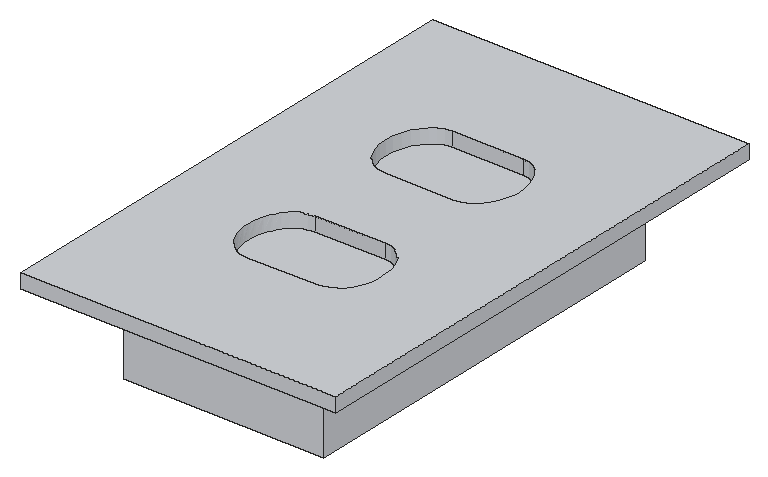
Revit family "Receptacle", category Electrical Fixtures, host Face, Revit 2025
Family settings
  Host = Face
  Round Connector Dimension = Use Diameter
  Part Type = Junction Box
  Cut with Voids When Loaded = No
  Maintain Annotation Orientation = Yes
  Shared = No
  Room Calculation Point = No
Parameters (values of type "Duplex")
  x = 0.74588"
  Width = 2 3/4"
  Symbol Distance [instance] = 0"
  Quadd = no
  Height = 4 1/2"
  er = 0.27848"
  Depth = 1/8"
  Cut Distance = 0"
  Count = 1
  Back Depth = 3/4"
  Default Elevation = 48"
  Back Width = Width - Back Margin  # 1 3/4"
  Back Margin = 1"
  Back Height = Height - Back Margin  # 3 1/2"
Types (2): name | Width | Quadd | Cut Distance | Count | Back Width
  Duplex | 2 3/4" | no | 0" | 1 | 1 3/4"
  Two Duplex | 5 1/2" | yes | 1" | 2 | 4 1/2"
Reference planes (in)
  plane 1 "Center (Front/Back)": y = 0
  plane 2: z = 0
  plane 3 "Center (Left/Right)": x = 0
  plane 4: z = 0.125
  plane 5: z = -0.75
  plane 6: y = 0.75
  plane 7: x = -0.30682
  plane 8: x = 0.30682
  plane 9: y = -0.75
  plane 10: x = 0
  plane 11: y = 0.75
  plane 12: x = -0.30682
  plane 13: x = 0.30682
  plane 14: y = -0.75
  plane 15: x = 0
Forms (in)
  Extrusion 1, solid, detail levels medium+fine
    sketch origin (0, 0, 0) x (1, 0, 0) y (0, 1, 0)
      loop
        line (-1.375, 2.25) -> (-1.375, -2.25) -> (1.375, -2.25) -> (1.375, 2.25) -> (-1.375, 2.25)
    from 0 to 0.125
  Extrusion 2, solid, detail levels medium+fine
    sketch origin (0, 0, 0) x (1, 0, 0) y (0, 1, 0)
      loop
        line (-0.875, 1.75) -> (-0.875, -1.75) -> (0.875, -1.75) -> (0.875, 1.75) -> (-0.875, 1.75)
    from 0 to -0.75
  Extrusion 3, void
    sketch origin (0, 0, 0) x (1, 0, 0) y (0, 1, 0)
      loop
        spline (-0.30682, 1.12294) -> (-0.3789, 1.11023) -> (-0.44606, 1.07298) -> (-0.50374, 1.01371) -> (-0.54799, 0.93647) -> (-0.57581, 0.84652) -> (-0.5853, 0.75) -> (-0.57581, 0.65348) -> (-0.54799, 0.56353) -> (-0.50374, 0.48629) -> (-0.44606, 0.42702) -> (-0.3789, 0.38977) -> (-0.30682, 0.37706)
        line (-0.30682, 0.37706) -> (0.30682, 0.37706)
        spline (0.30682, 0.37706) -> (0.3789, 0.38977) -> (0.44606, 0.42702) -> (0.50374, 0.48629) -> (0.54799, 0.56353) -> (0.57581, 0.65348) -> (0.5853, 0.75) -> (0.57581, 0.84652) -> (0.54799, 0.93647) -> (0.50374, 1.01371) -> (0.44606, 1.07298) -> (0.3789, 1.11023) -> (0.30682, 1.12294)
        line (0.30682, 1.12294) -> (-0.30682, 1.12294)
      loop
        spline (-0.30682, -0.37706) -> (-0.3789, -0.38977) -> (-0.44606, -0.42702) -> (-0.50374, -0.48629) -> (-0.54799, -0.56353) -> (-0.57581, -0.65348) -> (-0.5853, -0.75) -> (-0.57581, -0.84652) -> (-0.54799, -0.93647) -> (-0.50374, -1.01371) -> (-0.44606, -1.07298) -> (-0.3789, -1.11023) -> (-0.30682, -1.12294)
        line (-0.30682, -1.12294) -> (0.30682, -1.12294)
        spline (0.30682, -1.12294) -> (0.3789, -1.11023) -> (0.44606, -1.07298) -> (0.50374, -1.01371) -> (0.54799, -0.93647) -> (0.57581, -0.84652) -> (0.5853, -0.75) -> (0.57581, -0.65348) -> (0.54799, -0.56353) -> (0.50374, -0.48629) -> (0.44606, -0.42702) -> (0.3789, -0.38977) -> (0.30682, -0.37706)
        line (0.30682, -0.37706) -> (-0.30682, -0.37706)
    from 0.125 to 0
  Extrusion 4, void
    sketch origin (0, 0, 0) x (1, 0, 0) y (0, 1, 0)
      loop
        spline (-0.30682, 1.12294) -> (-0.3789, 1.11023) -> (-0.44606, 1.07298) -> (-0.50374, 1.01371) -> (-0.54799, 0.93647) -> (-0.57581, 0.84652) -> (-0.5853, 0.75) -> (-0.57581, 0.65348) -> (-0.54799, 0.56353) -> (-0.50374, 0.48629) -> (-0.44606, 0.42702) -> (-0.3789, 0.38977) -> (-0.30682, 0.37706)
        line (-0.30682, 0.37706) -> (0.30682, 0.37706)
        spline (0.30682, 0.37706) -> (0.3789, 0.38977) -> (0.44606, 0.42702) -> (0.50374, 0.48629) -> (0.54799, 0.56353) -> (0.57581, 0.65348) -> (0.5853, 0.75) -> (0.57581, 0.84652) -> (0.54799, 0.93647) -> (0.50374, 1.01371) -> (0.44606, 1.07298) -> (0.3789, 1.11023) -> (0.30682, 1.12294)
        line (0.30682, 1.12294) -> (-0.30682, 1.12294)
      loop
        spline (-0.30682, -0.37706) -> (-0.3789, -0.38977) -> (-0.44606, -0.42702) -> (-0.50374, -0.48629) -> (-0.54799, -0.56353) -> (-0.57581, -0.65348) -> (-0.5853, -0.75) -> (-0.57581, -0.84652) -> (-0.54799, -0.93647) -> (-0.50374, -1.01371) -> (-0.44606, -1.07298) -> (-0.3789, -1.11023) -> (-0.30682, -1.12294)
        line (-0.30682, -1.12294) -> (0.30682, -1.12294)
        spline (0.30682, -1.12294) -> (0.3789, -1.11023) -> (0.44606, -1.07298) -> (0.50374, -1.01371) -> (0.54799, -0.93647) -> (0.57581, -0.84652) -> (0.5853, -0.75) -> (0.57581, -0.65348) -> (0.54799, -0.56353) -> (0.50374, -0.48629) -> (0.44606, -0.42702) -> (0.3789, -0.38977) -> (0.30682, -0.37706)
        line (0.30682, -0.37706) -> (-0.30682, -0.37706)
    from 0.125 to 0
Cuts and joins
  Extrusion 3, Extrusion 4 cuts Extrusion 1
  Extrusion 3, Extrusion 4 cuts Extrusion 2
Dimensions and locks (in)
  equal spacing: Extrusion 1 sketch curve, plane 3 "Center (Left/Right)", Extrusion 1 sketch curve
  "Width": Extrusion 1 sketch curve to Extrusion 1 sketch curve
  "Height": Extrusion 1 sketch curve to Extrusion 1 sketch curve
  equal spacing: Extrusion 1 sketch curve, plane 1 "Center (Front/Back)", Extrusion 1 sketch curve
  "Depth": plane 4 to plane 2
  "Back Depth": plane 2 to plane 5
  plane 6 to plane 1 "Center (Front/Back)" = 3/4"
  equal spacing: Extrusion 3 sketch curve, plane 6, Extrusion 3 sketch curve
  "x": Extrusion 3 sketch curve to Extrusion 3 sketch curve  (x2)
  equal spacing: Extrusion 3 sketch curve, plane 9, Extrusion 3 sketch curve
  "er": Extrusion 3 sketch curve to Extrusion 3 sketch curve  (x4)
  equal spacing: Extrusion 2 sketch curve, plane 3 "Center (Left/Right)", Extrusion 2 sketch curve
  equal spacing: Extrusion 2 sketch curve, plane 1 "Center (Front/Back)", Extrusion 2 sketch curve
  "Back Height": Extrusion 2 sketch curve to Extrusion 2 sketch curve
  "Back Width": Extrusion 2 sketch curve to Extrusion 2 sketch curve
  equal spacing: Extrusion 4 sketch curve, plane 11, Extrusion 4 sketch curve
  "x": Extrusion 4 sketch curve to Extrusion 4 sketch curve  (x2)
  equal spacing: Extrusion 4 sketch curve, plane 14, Extrusion 4 sketch curve
  "er": Extrusion 4 sketch curve to Extrusion 4 sketch curve  (x4)
  group 1 to group 2 = 0"  (x3)
  "Cut Distance": plane 10 to plane 3 "Center (Left/Right)"
  "Cut Distance": plane 3 "Center (Left/Right)" to plane 15
  aligned and locked: plane 2 to host face
  aligned and locked: level to host face
  aligned and locked: plane 4 to Extrusion 1
  aligned and locked: Extrusion 2 to plane 5
  aligned and locked: plane 7 to Extrusion 3 sketch curve  (x4)
  aligned and locked: plane 8 to Extrusion 3 sketch curve  (x3)
  aligned and locked: Extrusion 1 to Extrusion 3
  aligned and locked: Extrusion 3 to level
  aligned and locked: plane 12 to Extrusion 4 sketch curve  (x4)
  aligned and locked: plane 13 to Extrusion 4 sketch curve  (x3)
Automatic sketch dimensions
  host sketch curve to host sketch curve = 96"  (x2)
Nested families (in)
  nested 1: "Wall Mounted" at (0, 0, 0), type "Standard"
Connectors (in)
  electrical at (0, 0, 0.125)
    settings: on Extrusion 1, index 1, voltage 0 V, apparent load 0 VA, apparent load phase1 0 VA, apparent load phase2 0 VA, apparent load phase3 0 VA, power factor 1, load classification "Other", number of poles 1, system type 31, power factor state 1, is connector primary yes, connector utility no, sub classification motor no, connector description ""
Definition of nested family "Wall Mounted"
  Parameters (values of type "Standard")
    Two Duplex = no
    Symbol Distance = 1/64"
    Diameter = 59/256"
    Center Height = Diameter * 1.5 * 0.6  # 0.20742"
  Reference planes (in)
    plane 1: y = 0
    plane 2: x = 0
  Lines and regions (in)
    detail lines
      curve 1: line (-0.03552, 0.32187, 0) -> (-0.03552, 0.01563, 0)
      curve 2: line (0.03552, 0.32187, 0) -> (0.03552, 0.01563, 0)
      curve 5: circle (0, 0.21225, 0) r 0.11523 normal (0, 0, 1)
    reference lines
      curve 3: line (-0.21695, 0.01562, 0) -> (0.23487, 0.01562, 0)
      curve 4: line (-0.15472, 0.22305, 0) -> (0.32266, 0.22305, 0)
      curve 7: line (-0.15472, 0.40183, 0) -> (-0.15472, 0.12148, 0)
      curve 8: line (0.15472, 0.40996, 0) -> (0.15472, 0.12961, 0)
    detail lines, visible <- "Two Duplex"
      curve 6: line (-0.15472, 0.25844, 0) -> (0.15472, 0.25844, 0)
      curve 9: line (-0.15472, 0.18766, 0) -> (0.15472, 0.18766, 0)
    detail lines, not visible
      curve 10: line (-0.03552, 0.30625, 0) -> (-0.03552, 0, 0)
      curve 11: line (0.03552, 0.30625, 0) -> (0.03552, 0, 0)
      curve 14: circle (0, 0.19662, 0) r 0.11523 normal (0, 0, 1)
    reference lines, not visible
      curve 12: line (-0.21695, 0, 0) -> (0.23487, 0, 0)
      curve 13: line (-0.15472, 0.20742, 0) -> (0.32266, 0.20742, 0)
      curve 16: line (-0.15472, 0.3862, 0) -> (-0.15472, 0.10585, 0)
      curve 17: line (0.15472, 0.39433, 0) -> (0.15472, 0.11398, 0)
    detail lines, visible <- "Two Duplex", not visible
      curve 15: line (-0.15472, 0.24281, 0) -> (0.15472, 0.24281, 0)
      curve 18: line (-0.15472, 0.17203, 0) -> (0.15472, 0.17203, 0)
  Dimensions and locks (in)
    "Symbol Distance": plane 1 to curve 3
